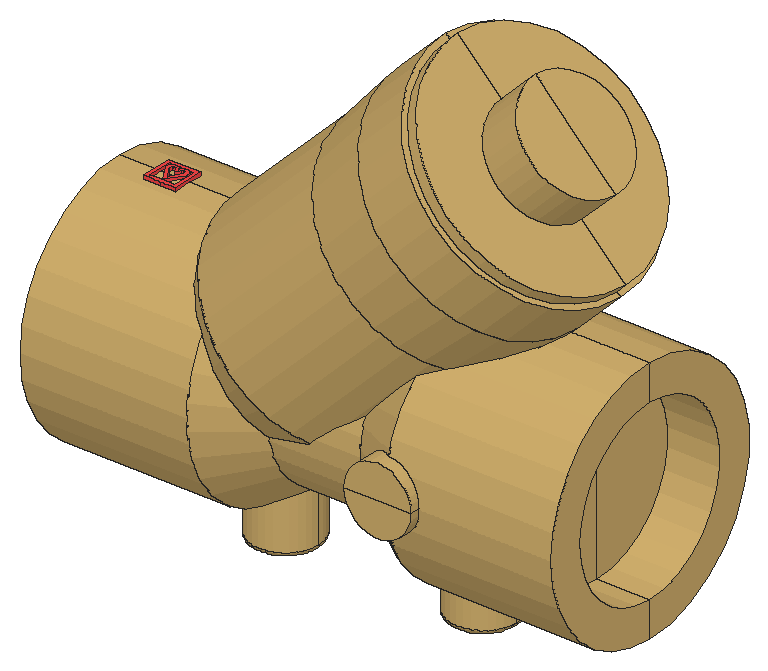
Revit family "Strainers 4111", category Rohrzubehör, Revit 2020
Family settings
  Bemaßung runder Anschluss = Durchmesser verwenden
  Teiletyp = Unterbricht
  OmniClass-Nummer = 23.65.55.14
  OmniClass-Titel = Valves for Liquid Services
  Arbeitsebenenbasiert = Nein
  Immer vertikal = Ja
  Beim Laden mit Abzugskörper schneiden = Nein
  Gemeinsam genutzt = Nein
Parameters
  max. Operating temperature = 110 °C  # constant formula
  Vorgabe-Ansicht = 0.000 mm
  Internal thread = "acc. to ISO 228-1"  # constant formula
  W01 = 45.00°  # constant formula
  URL = "www.herzvalves.com"
  Part number [instance] = size_lookup("4111_", "Artnr", 0, Nennweite)  # 1411116
  Closing plug = "forged brass acc to. EN 12420, CW617N"  # constant formula
  Sieve = "stainless steel, single, 1 4111 41-42: mashed perforation 0,5mm; 1 4111 14-18: meshed perforation 0.75mm"  # constant formula
  SW02 [instance] = size_lookup("4111_", "SW2", 11.000 mm, Nennweite)  # 8.500 mm
  SW01 [instance] = size_lookup("4111_", "SW1", 16.000 mm, Nennweite)  # 16.000 mm
  SCTWSEQ = "AW;SBT_TYP_AW=\"112\";2"
  SCTWCODE = "04;16;02"  # constant formula
  SCRNSEQ = "AWI;AWI_TYP=\"1011\";2"
  SCRNCODE = "05;15;02"  # constant formula
  S01 [instance] = R01 * 2  # 70.000 mm
  R100 = 1.000 mm  # constant formula
  R10 [instance] = size_lookup("4111_", "R10", 8.500 mm, Nennweite)  # 6.950 mm
  R09 [instance] = size_lookup("4111_", "R9", 30.000 mm, Nennweite)  # 25.000 mm
  R08 [instance] = R07 - 1.500 mm  # 33.500 mm
  R07 [instance] = size_lookup("4111_", "R7", 46.500 mm, Nennweite)  # 35.000 mm
  R06 [instance] = size_lookup("4111_", "R6", 43.000 mm, Nennweite)  # 33.500 mm
  R05 [instance] = Nennweite / 2  # 25.000 mm
  R04 [instance] = size_lookup("4111_", "R4", 11.500 mm, Nennweite)  # 9.500 mm
  R03 = 9.500 mm  # constant formula
  R02 [instance] = Nennweite / 2  # 25.000 mm
  R01 [instance] = (Nennweite / 2) + 10.000 mm  # 35.000 mm
  PN [instance] = size_lookup("4111_", "PN", 16, Nennweite)  # 16
  Nennweite [instance] = 50.000 mm
  Medium = "heating water quality according to ÖNORM H5195 or VDI-Standard 2035.\r\nthe use of ethylene or propylene glycol in a mixing ratio 25- 50% is allowed.\r\nplease refer to manufacturers documentation when using ethylene glycol products for frost and corrosion protection.\r\nHERZ ball valve for heating and chilled water is not suitable for usage of agressive medium (such as: acids, alkalis, combustible and explosive gases) because it can destroy sealing components."
  L16 [instance] = L03 - 4.500 mm  # 10.500 mm
  L15 [instance] = R01 - 1.000 mm  # 34.000 mm
  L14 [instance] = L06 - L08  # 20.500 mm
  L13 [instance] = size_lookup("4111_", "L13", 4.000 mm, Nennweite)  # 3.500 mm
  L12 = 0.800 mm  # constant formula
  L11 [instance] = size_lookup("4111_", "L11", 11.000 mm, Nennweite)  # 13.500 mm
  L10 = 3.500 mm  # constant formula
  L09 [instance] = size_lookup("4111_", "L9", 11.000 mm, Nennweite)  # 17.500 mm
  L08 [instance] = size_lookup("4111_", "L8", 35.000 mm, Nennweite)  # 66.000 mm
  L07 [instance] = size_lookup("4111_", "L7", 35.000 mm, Nennweite)  # 31.500 mm
  L06 [instance] = size_lookup("4111_", "L6", 118.000 mm, Nennweite) - L09  # 86.500 mm
  L05 [instance] = size_lookup("4111_", "L5", 44.000 mm, Nennweite)  # 36.500 mm
  L04 [instance] = size_lookup("4111_", "L4", 45.000 mm, Nennweite)  # 37.500 mm
  L03 = 15.000 mm  # constant formula
  L02 [instance] = size_lookup("4111_", "L2", 22.000 mm, Nennweite)  # 13.000 mm
  L01 [instance] = size_lookup("4111_", "L1", 48.000 mm, Nennweite)  # 47.000 mm
  L00 [instance] = size_lookup("4111_", "L", 180.000 mm, Nennweite)  # 150.000 mm
  Hersteller = "Herz-Armaturen GmbH"  # constant formula
  H01 [instance] = size_lookup("4111_", "H1", 53.000 mm, Nennweite)  # 45.000 mm
  Body = "casted, dezincification-resistant brass CC770S"  # constant formula
  Plug seals = "EPDM"  # constant formula
  Application = "strainers are installed in pipes to protect the finely machined valve seats from particles.\r\nfield of application are building services, such as in heating or chilled water units for air conditioning in buildings.\r\nEPDM sealings can be destroyed by organic hydro carbons, which are occurring in natural gas, mineral oil or lubricants."
Reference planes
  plane 1 "Mitte (Vorne/hinten)": y = 0
  plane 2: z = 0
  plane 3 "Mitte (Links/rechts)": x = 0
Forms (mm)
  Revolve 1, solid, material "Messing", detail levels fine
    sketch origin (470, 0, 0) x (1, 0, 0) y (0, 0, 1)
      loop
        line (-545, 25) -> (-530, 25) -> (-530, 0) -> (-410, 0) -> (-410, 25) -> (-395, 25) -> (-395, 35) -> (-442, 35) -> (-457, 25) -> (-483, 25) -> (-498, 35) -> (-545, 35) -> (-545, 25)
      axis (-545, 0) -> (-395, 0)
    angle from 0 to 360
  Revolve 2, solid, material "Messing", detail levels fine
    sketch origin (470, 0, 0) x (1, 0, 0) y (0, 0, 1)
      loop
        line (-507.5, 0) -> (-507.5, -44)
        arc (-507.5, -44) -> (-507.207, -44.707) -> (-506.5, -45) r 1
        line (-506.5, -45) -> (-498, -45) -> (-498, 0) -> (-507.5, 0)
      axis (-498, 0) -> (-498, -45)
    angle from 0 to 360
  Revolve 3, solid, material "Messing", detail levels fine
    sketch origin (0, 0, 0) x (1, 0, 0) y (0, 1, 0)
      loop
        line (28, -37.5) -> (37.5, -37.5) -> (37.5, 36.5) -> (28, 36.5) -> (28, -37.5)
      axis (28, -37.5) -> (28, 36.5)
    angle from 0 to 360
  Revolve 4, solid, material "Messing", detail levels fine
    sketch origin (-470, 0, 0) x (-1, 0, 0) y (0, 0, 1)
      loop
        line (-507.5, 0) -> (-507.5, -44)
        arc (-507.5, -44) -> (-507.207, -44.707) -> (-506.5, -45) r 1
        line (-506.5, -45) -> (-498, -45) -> (-498, 0) -> (-507.5, 0)
      axis (-498, 0) -> (-498, -45)
    angle from 0 to 360
  Revolve 5, solid, material "Messing", detail levels fine
    sketch origin (0.32, 0, -0.105) x (1, 0, 0) y (0, 0, 1)
      loop
        line (-31.82, 0) -> (53.74, 85.56) -> (42.426, 96.874) -> (32.88, 87.328) -> (20.506, 99.702) -> (18.031, 97.227) -> (16.97, 98.288) -> (4.596, 85.913) -> (-8.839, 70.357) -> (-41.012, 38.184) -> (-49.498, 17.678) -> (-31.82, 0)
      axis (-31.82, 0) -> (53.74, 85.56)
    angle from 0 to 360
Lines and regions (mm)
  model lines, detail levels coarse+medium
    curve 1: line (-90, 0, 42.5) -> (90, 0, 42.5)
    curve 2: line (-90, 0, -27.5) -> (-90, 0, 42.5)
    curve 3: line (90, 0, -27.5) -> (-90, 0, -27.5)
    curve 4: line (90, 0, 42.5) -> (90, 0, -27.5)
    curve 6: line (-75, 27.5, 0) -> (75, 27.5, 0)
    curve 7: line (-75, -42.5, 0) -> (-75, 27.5, 0)
    curve 8: line (75, -42.5, 0) -> (-75, -42.5, 0)
    curve 9: line (75, 27.5, 0) -> (75, -42.5, 0)
    curve 10: line (75, -42.5, 0) -> (-75, 27.5, 0)
  symbolic lines, style "PipeAccessory"
    curve 5: line (90, 0, -27.5) -> (-90, 0, 42.5)
Dimensions and locks
  "H01": plane 2 to Revolve 2 sketch curve
  "L00": Revolve 1 sketch curve to Revolve 1 sketch curve
  equal spacing: Revolve 1 sketch curve, plane 3 "Mitte (Links/rechts)", Revolve 1 sketch curve
  "R01": Revolve 1 sketch curve to Revolve 1 sketch curve  (x2)
  "R02": Revolve 1 sketch curve to Revolve 1 sketch curve  (x3)
  "L01": Revolve 1 sketch curve to Revolve 1 sketch curve  (x2)
  "L02": plane 3 "Mitte (Links/rechts)" to Revolve 1 sketch curve
  "L02": Revolve 1 sketch curve to plane 3 "Mitte (Links/rechts)"
  "L03": Revolve 1 sketch curve to Revolve 1 sketch curve  (x2)
  "L01": Revolve 1 to Revolve 2 sketch curve
  "R03": Revolve 2 sketch curve to Revolve 2 sketch curve
  "L01": Revolve 4 sketch curve to Revolve 1
  "R03": Revolve 4 sketch curve to Revolve 4 sketch curve
  "H01": plane 2 to Revolve 4 sketch curve
  "L04": Revolve 3 sketch curve to plane 1 "Mitte (Vorne/hinten)"
  "L05": plane 1 "Mitte (Vorne/hinten)" to Revolve 3 sketch curve
  "R04": Revolve 3 sketch curve to Revolve 3 sketch curve
  "L01": Revolve 3 sketch curve to Revolve 1
  "SW01": Revolve 5 sketch curve to Revolve 5 sketch curve
  "R08": Revolve 5 sketch curve to Revolve 5 sketch curve
  "L10": Revolve 5 sketch curve to Revolve 5 sketch curve
  "L11": Revolve 5 sketch curve to Revolve 5 sketch curve
  "R07": Revolve 5 sketch curve to Revolve 5 sketch curve
  "L07": plane 3 "Mitte (Links/rechts)" to Revolve 5 sketch curve
  "R05": Revolve 5 sketch curve to Revolve 5 sketch curve
  "L06": Revolve 5 sketch curve to Revolve 5 sketch curve
  "L09": Revolve 5 sketch curve to Revolve 5 sketch curve
  "L08": Revolve 5 sketch curve to Revolve 5 sketch curve
  "R06": Revolve 5 sketch curve to Revolve 5 sketch curve
  "L14": Revolve 5 sketch curve to Revolve 5 sketch curve
  "L15": nested 1 to plane 2
  "L16": Revolve 1 to nested 1
  "S01": curve 1 to curve 3
  "L00": Revolve 1 to Revolve 1
  equal spacing: Revolve 1, plane 3 "Mitte (Links/rechts)", Revolve 1
  equal spacing: curve 7, plane 3 "Mitte (Links/rechts)", curve 9
  "L00": curve 7 to curve 9
  "S01": curve 6 to curve 8
  "R100": radius of Revolve 2 sketch curve
  "R100": radius of Revolve 4 sketch curve
  "W01": angle plane 2 to Revolve 5 sketch curve
  "W01": angle level to Revolve 5 sketch curve
  aligned and locked: level to plane 2
Automatic sketch dimensions
  level to curve 1 = 42.500 mm
  curve 1 to plane 3 "Mitte (Links/rechts)" = 90.000 mm
  plane 3 "Mitte (Links/rechts)" to curve 4 = 90.000 mm
  plane 1 "Mitte (Vorne/hinten)" to curve 8 = 42.500 mm
  Revolve 1 sketch curve to level = 0.000 mm  (x2)
  Revolve 1 sketch curve to Revolve 1 sketch curve = 791.990 mm
  Revolve 1 sketch curve to Revolve 1 sketch curve = 2278.983 mm
  Revolve 2 sketch curve to level = 0.000 mm  (x2)
  Revolve 2 sketch curve to Revolve 2 sketch curve = 0.000 mm
  Revolve 2 sketch curve to Revolve 2 sketch curve = 0.292 mm
  Revolve 3 sketch curve to Revolve 3 sketch curve = 0.000 mm  (x3)
  Revolve 4 sketch curve to level = 0.000 mm  (x2)
  Revolve 4 sketch curve to Revolve 4 sketch curve = 0.000 mm
  Revolve 4 sketch curve to Revolve 4 sketch curve = 0.292 mm
  Revolve 5 sketch curve to level = 0.105 mm
  Revolve 5 sketch curve to Revolve 5 sketch curve = 0.000 mm  (x2)
Nested families
  nested 1: "Herz-Logo" at (-59.982, 0, 34), type "Herz-Logo", detail levels fine
Connectors
  piping at (-60, 0, 0), diameter 50, driven by "Nennweite"
    settings: on Revolve 1, index 1, connector inside diameter 609.6 mm, connector length 0.000 mm, flow factor 0, pipe flow 0.0 L/s, pressure drop 0.0 Pa, fitting loss kfactor 0, connector angle 0.00°, fixture units 0, engagement length 0.000 mm, angle of deflection 0.00°, flow configuration 0, flow direction 1, fitting loss method 0, system type 29, joint type 0, gender type 0, connector reference index -1, connector utility 0, adjustable connector no, is connector primary yes, connector description ""
  piping at (60, 0, 0), diameter 50, driven by "Nennweite"
    settings: on Revolve 1, index 2, connector inside diameter 609.6 mm, connector length 0.000 mm, flow factor 0, pipe flow 0.0 L/s, pressure drop 0.0 Pa, fitting loss kfactor 0, connector angle 0.00°, fixture units 0, engagement length 0.000 mm, angle of deflection 0.00°, flow configuration 0, flow direction 2, fitting loss method 0, system type 29, joint type 0, gender type 0, connector reference index -1, connector utility 0, adjustable connector no, is connector primary no, connector description ""
Definition of nested family "Herz-Logo"
  Parameters (values of type "Herz-Logo")
    Default Elevation = 0.000 mm
  Reference planes
    plane 1 "Mitte (Vorne/hinten)": y = 0
    plane 2: z = 0
    plane 3 "Mitte (Links/rechts)": x = 0
  Forms (mm)
    Extrusion 1, solid
      sketch origin (0, 0, 0) x (1, 0, 0) y (0, 1, 0)
        loop
          line (-0.018, -4.517) -> (4.482, -4.517) -> (4.482, 4.483) -> (-4.518, 4.483) -> (-4.518, -4.517) -> (-0.018, -4.517)
        loop
          line (-0.05, -3.48) -> (3.482, -3.48) -> (3.482, 3.483) -> (-3.518, 3.483) -> (-3.518, -3.48) -> (-0.05, -3.48)
        loop
          arc (-0.018, 2.383) -> (-1.543, 3.287) -> (-3.067, 2.383) r 1.738
          arc (-3.067, 2.383) -> (-3.191, 1.899) -> (-3.067, 1.415) r 1.009
          line (-3.067, 1.415) -> (-0.018, -3.281) -> (3.032, 1.415)
          arc (3.032, 1.415) -> (3.156, 1.899) -> (3.032, 2.383) r 1.009
          arc (3.032, 2.383) -> (1.507, 3.287) -> (-0.018, 2.383) r 1.738
        loop
          arc (1.885, 1.272) -> (2.005, 1.675) -> (1.885, 2.079) r 0.74
          arc (1.885, 2.079) -> (1.265, 2.416) -> (0.644, 2.079) r 0.74
          line (0.644, 2.079) -> (-0.018, 0.97) -> (-0.679, 2.079)
          arc (-0.679, 2.079) -> (-1.3, 2.416) -> (-1.921, 2.079) r 0.74
          arc (-1.921, 2.079) -> (-2.04, 1.675) -> (-1.921, 1.272) r 0.74
          line (-1.921, 1.272) -> (-0.018, -1.658) -> (1.885, 1.272)
      from 0 to 1.5
  Dimensions and locks
    aligned and locked: level to plane 2
